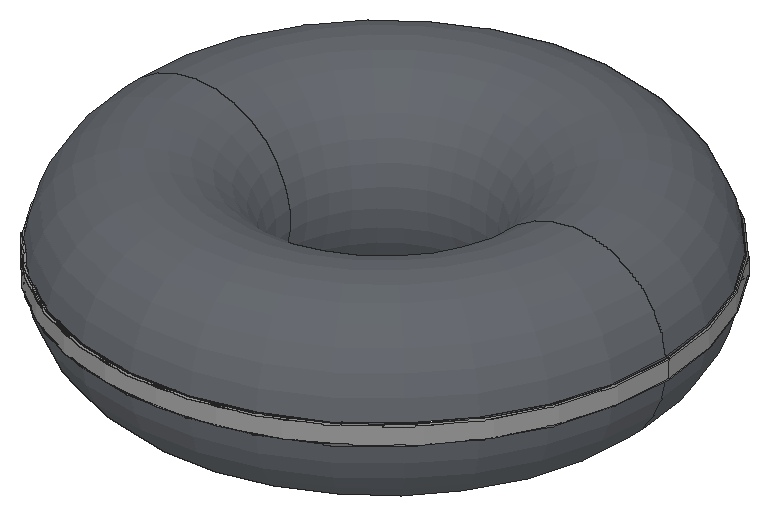
Revit family "Giant Donut", category Furniture, Revit 2015
Parameters
  Weight = 12.60 kg  # constant formula
  Upholstery [instance] = Fabric - Kvadrat - Coda 2 - 0762
  URL = "http://www.loookindustries.com/en/component/djcatalog2/item/1-default/16-area"
  Seat Height = 400 mm  # constant formula
  Model = "Giant Donut"  # constant formula
  Manufacturer = "Loook Industries Ltd."  # constant formula
  Keynote = "5111"
  Height = 400 mm  # constant formula
  Diameter = 1200 mm  # constant formula
  Design by = "IVAR GESTRANIUS & KEVIN LAHTINEN"  # constant formula
  BIM Author = "Mika Leinonen - mikaleinonen@outlook.com"  # constant formula
Reference planes
  plane 1 "Center (Front/Back)": y = 0
  plane 2 "Bottom": z = 0
  plane 3 "Center (Left/Right)": x = 0
  plane 4 "Front": y = -600
  plane 5 "Left": x = -600
  plane 6 "Back": y = 600
  plane 7 "Right": x = 600
  plane 8 "Top": z = 400
  plane 9 "Center (Elevation)": z = 200
  plane 10: z = 350
  plane 11: z = 100
  plane 12: z = 65
  plane 13: z = 400
Dimensions and locks
  equal spacing: plane 5 "Left", plane 3 "Center (Left/Right)", plane 7 "Right"
  equal spacing: plane 6 "Back", plane 1 "Center (Front/Back)", plane 4 "Front"
  "Diameter": plane 5 "Left" to plane 7 "Right"
  "Diameter": plane 6 "Back" to plane 4 "Front"
  equal spacing: plane 8 "Top", plane 9 "Center (Elevation)", plane 2 "Bottom"
  "Height": plane 8 "Top" to plane 2 "Bottom"
  locked: plane 8 "Top" to plane 10 at 50
  locked: plane 11 to plane 2 "Bottom" at 100
  locked: plane 12 to level at 65
  "Seat Height": plane 13 to plane 2 "Bottom"
  aligned and locked: level to plane 2 "Bottom"
  aligned and locked: plane 4 "Front" to nested 1
  aligned and locked: plane 3 "Center (Left/Right)" to nested 1
Nested families
  nested 1: "Giant Donut Seat" at (0, 0, 0), Material <- "Upholstery", type "Giant Donut Seat"
    with Material Fabric - Kvadrat - Coda 2 - 0762
Definition of nested family "Giant Donut Seat"
  Parameters (values of type "Giant Donut Seat")
    Weight = 12.60 kg  # constant formula
    Material [instance] = none
    Manufacturer = "Loook Industries Ltd."
    Height = 400 mm  # constant formula
    Diameter = 1200 mm  # constant formula
    Design by = "IVAR GESTRANIUS & KEVIN LAHTINEN"  # constant formula
    BIM Author = "Mika Leinonen - mikaleinonen@outlook.com"  # constant formula
  Reference planes
    plane 1 "Center (Front/Back)": y = 0
    plane 2 "Bottom": z = 0
    plane 3 "Center (Left/Right)": x = 0
    plane 4 "Front": y = -600
    plane 5 "Left": x = -600
    plane 6 "Back": y = 600
    plane 7 "Right": x = 600
    plane 8 "Top": z = 400
    plane 9 "Center (Elevation)": z = 200
    plane 10: z = 5
  Forms (mm)
    Revolve 1, solid, material <- "Material"
      sketch origin (0, 0, 450) x (1, 0, 0) y (0, 0, -1)
        loop
          line (-600, 271.173) -> (-600, 228.827)
          arc (-600, 228.827) -> (-201.124, 250) -> (-600, 271.173) r 200
        axis (0, 228.827) -> (0, 271.173)
      angle from 0 to 360
    Revolve 2, solid
      sketch origin (0, 0, 450) x (1, 0, 0) y (0, 0, -1)
        loop
          line (-600, 270) -> (-603.994, 270)
          arc (-603.994, 270) -> (-605.408, 269.414) -> (-605.994, 268) r 2
          line (-605.994, 268) -> (-605.994, 232)
          arc (-605.994, 232) -> (-605.408, 230.586) -> (-603.994, 230) r 2
          line (-603.994, 230) -> (-600, 230) -> (-600, 270)
        axis (0, 230) -> (0, 270)
      angle from 0 to 360
  Lines and regions (mm)
    Masking region 1
      outline origin (0, 0, 400) x (-1, 0, 0) y (0, -1, 0)
        loop
          circle (0, 0) r 201
        loop
          circle (0, 0) r 600
    symbolic lines
      curve 1: arc (600, 0, 400) -> (0, 600, 400) -> (-600, 0, 400) r 600
      curve 2: arc (-600, 0, 400) -> (0, -600, 400) -> (600, 0, 400) r 600
      curve 3: arc (600, 0, 400) -> (0, 600, 400) -> (-600, 0, 400) r 600
      curve 4: arc (-600, 0, 400) -> (0, -600, 400) -> (600, 0, 400) r 600
      curve 5: arc (606, 0, 400) -> (0, 606, 400) -> (-606, 0, 400) r 606
      curve 6: arc (-606, 0, 400) -> (0, -606, 400) -> (606, 0, 400) r 606
      curve 7: arc (606, 0, 400) -> (0, 606, 400) -> (-606, 0, 400) r 606
      curve 8: arc (-606, 0, 400) -> (0, -606, 400) -> (606, 0, 400) r 606
      curve 9: arc (201, 0, 400) -> (0, 201, 400) -> (-201, 0, 400) r 201
      curve 10: arc (-201, 0, 400) -> (0, -201, 400) -> (201, 0, 400) r 201
      curve 11: arc (201, 0, 400) -> (0, 201, 400) -> (-201, 0, 400) r 201
      curve 12: arc (-201, 0, 400) -> (0, -201, 400) -> (201, 0, 400) r 201
  Dimensions and locks
    equal spacing: plane 5 "Left", plane 3 "Center (Left/Right)", plane 7 "Right"
    equal spacing: plane 6 "Back", plane 1 "Center (Front/Back)", plane 4 "Front"
    "Diameter": plane 5 "Left" to plane 7 "Right"
    "Diameter": plane 6 "Back" to plane 4 "Front"
    equal spacing: plane 8 "Top", plane 9 "Center (Elevation)", plane 2 "Bottom"
    "Height": plane 8 "Top" to plane 2 "Bottom"
    locked: plane 10 to plane 2 "Bottom" at 5
    aligned and locked: level to plane 2 "Bottom"
  Automatic sketch dimensions
    Revolve 2 sketch curve to plane 3 "Center (Left/Right)" = 0 mm
    Revolve 2 sketch curve to plane 8 "Top" = 0 mm
    Revolve 2 sketch curve to plane 9 "Center (Elevation)" = 20 mm
    plane 9 "Center (Elevation)" to Revolve 2 sketch curve = 7.5 mm
    curve 1 to curve 3 = 0 mm  (x2)
    curve 1 to curve 6 = 0 mm
    curve 5 to curve 7 = 0 mm  (x2)
    plane 1 "Center (Front/Back)" to curve 5 = 0 mm
    curve 2 to plane 7 "Right" = 0 mm
    curve 3 to plane 7 "Right" = 0 mm
    curve 6 to plane 3 "Center (Left/Right)" = 0 mm
    plane 7 "Right" to curve 8 = 6 mm
    curve 6 to curve 8 = 0 mm
    Revolve 1 sketch curve to plane 9 "Center (Elevation)" = 0 mm
    Revolve 1 sketch curve to plane 3 "Center (Left/Right)" = 0 mm
    Revolve 1 sketch curve to plane 8 "Top" = 0 mm
    plane 5 "Left" to Revolve 1 sketch curve = 198.876 mm
    Revolve 1 sketch curve to plane 9 "Center (Elevation)" = 21.173 mm
    plane 9 "Center (Elevation)" to Revolve 1 sketch curve = 7.5 mm
    Revolve 1 sketch curve to plane 5 "Left" = 0 mm
    Revolve 2 sketch curve to Revolve 2 sketch curve = 2 mm
    plane 9 "Center (Elevation)" to Revolve 2 sketch curve = 18 mm
    plane 5 "Left" to Revolve 2 sketch curve = 0 mm
    Revolve 2 sketch curve to plane 5 "Left" = 3.994 mm  (x2)
    plane 1 "Center (Front/Back)" to Masking region 1 sketch curve = 0 mm
    Masking region 1 sketch curve to plane 3 "Center (Left/Right)" = 0 mm
    curve 1 to curve 5 = 0 mm
    curve 1 to curve 9 = 0 mm  (x2)
    curve 9 to curve 9 = 201 mm
    curve 1 to curve 11 = 0 mm  (x2)
    curve 12 to curve 10 = 0 mm
    Masking region 1 sketch curve to Masking region 1 sketch curve = 0 mm  (x2)
    Masking region 1 sketch curve to plane 7 "Right" = 0 mm
    radius of Masking region 1 sketch curve = 201 mm
